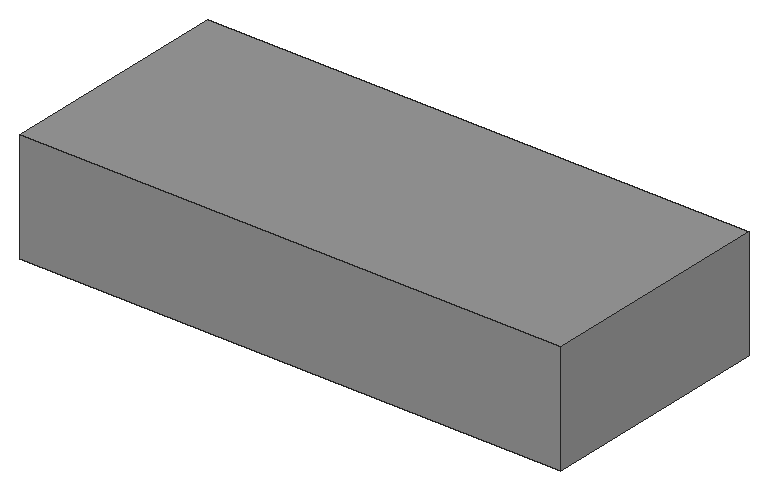
Revit family "PRE050029-FR", category Accessoire de canalisation, Revit 2017
Family settings
  Cote de connecteur circulaire = Utiliser le diamètre
  Type d'élément = Normal
  Basée sur le plan de construction = Non
  Toujours verticalement = Oui
  Couper avec des vides une fois chargée = Non
  Partagée = Non
Parameters (values of type "75112 Presto Sanifirst Mitigeur thermostatique de douche hospitalier choc thermique - Mastermix ")
  Variantes = "75112-75116-75308-75309"
  LC = 26 mm
  Garantie = "10 ans contre tout vice de fabrication / 3 ans pour la cartouche thermostatique"
  URL Fabricant = "http://www.prestodatashare.com/centretelechargement/index.php?lang=FR&refs=75112"
  URL = "http://www.prestodatashare.com/centretelechargement/index.php?lang=FR&refs=75112"
  Lien notice d'utilisation = "http://www.prestodatashare.com/centretelechargement/support.php?lang=FR&ref=75112"
  Lien fiche produit = "http://www.prestodatashare.com/espacedoc/Fiches_Techniques/FR/75112.pdf"
  Reference = "75112"
  Pression = "3 bars - Eviter les écarts de pressions supérieurs à 1 bar entre l'eau chaude et l'eau froide"
  Polantis code = "PRE050029-FR"
  Perte de charge = 0.0 Pa
  Profondeur = 110 mm
  Modèle = "75112 Presto Sanifirst Mitigeur thermostatique de douche hospitalier choc thermique - Mastermix"
  Matériau = Laiton poli chromé
  Lien CCTP = "http://www.prestodatashare.com/centretelechargement/index.php?lang=FR&refs=75112"
  Largeur = 254 mm
  HC = 26 mm
  Hauteur = 52 mm
  Fonction = "Mitigeur thermostatique de douche TECHNOLOGIE  BREVETÉE MASTERMIX :\r\r\nPas d'intercommunication EF/ ECS - Pas de clapet anti-retour\r\r\nOrgane de manœuvre : Manette d'ouverture/fermeture vers le bas et Volant T°C choc thermique laiton\r\r\nRéférence : 75112"
  Flux = 0.05 L/s
  Finition = "Corps et volants en laiton poli chromé"
  Fabricant = "LES ROBINETS PRESTO S.A."
  Diamètre Nominal = 15 mm
  Description = "Mitigeur  thermostatique  de douche de conception MASTERMIX  équipé d’une manette de débit ergonomique vers le bas.\r\r\nVolant de  Température bloqué à 38°, (Déverrouillage  sécurisé pour choc thermique  et accessible uniquement par les services techniques sans démonter le volant.)\r\r\nEntraxe 150mm et raccords excentrés M1/2&quot; avec rosace chromées et joint filtres. Sortie de douche M'1/2 vers le bas avec clapet anti-retour intégré. Débit réglable entre 5 et 14l/min, température réglable de 18 à 38°C. \r\r\nSystème anti-intercommunication EFS ET ECS unique et breveté permettant la suppression des clapets anti-retour sur les arrivées EFS et ECS du mitigeur réalisé  par une cartouche céramique et d’une cartouche thermostatique NF EN 1111.\r\r\nGarantie 3 ans pour la cartouche thermostatique et 10 ans pour le reste de la robinetterie.  REF: 75112, conception MASTERMIX, marque Sanifirst ou équivalent approuvé.."
  Debit = ""
  Raccordement = "EP G'3/4 livré avec rosaces et raccords excentrés M G'1/2 M G'3/4"
  Adresse = "7, RUE RACINE - 92542 MONTROUGE CEDEX FRANCE"
Types (4, lengths in mm): name | Garantie | URL Fabricant | URL | Lien notice d'utilisation | Lien fiche produit | Reference | Polantis code | Modèle | Lien CCTP | Fonction | Flux | Description | Debit
  75309 Presto Sanifirst Mitigeur thermostatique de douche, manette vers le haut et sortie vers le bas - Mastermix | "10 ans contre tout vice de fabrication / 3 ans pour la cartouche thermostatique" | "http://www.prestodatashare.com/centretelechargement/index.php?lang=FR&refs=75309" | "http://www.prestodatashare.com/centretelechargement/index.php?lang=FR&refs=75309" | "http://www.prestodatashare.com/centretelechargement/support.php?lang=FR&ref=75309" | "http://www.prestodatashare.com/espacedoc/Fiches_Techniques/FR/75309.pdf" | "75309" | "PRE050029c-FR" | "75309 Presto Sanifirst Mitigeur thermostatique de douche, manette vers le haut et sortie vers le bas - Mastermix" | "http://www.prestodatashare.com/centretelechargement/index.php?lang=FR&refs=75309" | "Mitigeur thermostatique de douche TECHNOLOGIE  BREVETÉE MASTERMIX :\r\r\nPas d'intercommunication EF/ ECS - Pas de clapet anti-retour\r\r\nOrgane de manœuvre : Manette d'ouverture/fermeture vers le haut et Volant T°C métal\r\r\nRéférence : 75309" | 0.1 L/s | "Mitigeur  thermostatique  de douche de conception MASTERMIX  équipé d’une manette de débit ergonomique vers le haut.\r\r\nVolant de  Température avec une butée à 38° déverouillable jusqu'à 45°C\r\r\nEntraxe 150mm et raccords excentrés M1/2&quot; avec rosace chromées et joint filtres. Sortie de douche M'1/2 vers le bas avec clapet anti-retour intégré. Débit réglable entre 5 et 14l/min\r\r\nSystème anti-intercommunication EFS ET ECS unique et breveté permettant la suppression des clapets anti-retour sur les arrivées EFS et ECS du mitigeur réalisé  par une cartouche céramique et d’une cartouche thermostatique NF EN 1111.\r\r\nGarantie 3 ans pour la cartouche thermostatique et 10 ans pour le reste de la robinetterie.  REF: 75309, conception MASTERMIX, marque Sanifirst ou équivalent approuvé." | "Débit entre 4 et 6L/min à 3 bar"
  75308 Presto Sanifirst Mitigeur thermostatique de douche , manette vers le bas et sortie vers le bas - Mastermix | "10 ans contre tout vice de fabrication / 3 ans pour la cartouche thermostatique" | "http://www.prestodatashare.com/centretelechargement/index.php?lang=FR&refs=75308" | "http://www.prestodatashare.com/centretelechargement/index.php?lang=FR&refs=75308" | "http://www.prestodatashare.com/centretelechargement/support.php?lang=FR&ref=75308" | "http://www.prestodatashare.com/espacedoc/Fiches_Techniques/FR/75308.pdf" | "75308" | "PRE050029b-FR" | "75308 Presto Sanifirst Mitigeur thermostatique de douche , manette vers le bas et sortie vers le bas - Mastermix" | "http://www.prestodatashare.com/centretelechargement/index.php?lang=FR&refs=75308" | "Mitigeur thermostatique de douche TECHNOLOGIE  BREVETÉE MASTERMIX :\r\r\nPas d'intercommunication EF/ ECS - Pas de clapet anti-retour\r\r\nOrgane de manœuvre : Manette d'ouverture/fermeture vers le bas et Volant T°C métal\r\r\nRéférence : 75308" | 0.1 L/s | "Mitigeur  thermostatique de douche de conception MASTERMIX  équipé d’une manette de débit ergonomique vers le bas.\r\r\nVolant de  Température avec une butée à 38° déverouillable jusqu'à 45°C\r\r\nEntraxe 150mm et raccords excentrés M1/2&quot; avec rosace chromées et joint filtres. Sortie de douche M'1/2 vers le bas avec clapet anti-retour intégré. Débit réglable entre 5 et 14l/min\r\r\nSystème anti-intercommunication EFS ET ECS unique et breveté permettant la suppression des clapets anti-retour sur les arrivées EFS et ECS du mitigeur réalisé  par une cartouche céramique et d’une cartouche thermostatique NF EN 1111.\r\r\nGarantie 3 ans pour la cartouche thermostatique et 10 ans pour le reste de la robinetterie.  REF: 75308, conception MASTERMIX, marque Sanifirst ou équivalent approuvé." | "Débit entre 4 et 6L/min à 3 bar"
  75116 Presto Sanifirst Mitigeur de douche thermostatique mural, manette vers le haut,sortie vers le bas - Mastermix | "10 ans contre tout vice de fabrication, 3 ans pour la cartouche thermostatique" | "http://www.prestodatashare.com/centretelechargement/index.php?lang=FR&refs=75116" | "http://www.prestodatashare.com/centretelechargement/index.php?lang=FR&refs=75116" | "http://www.prestodatashare.com/centretelechargement/support.php?lang=FR&ref=75116" | "http://www.prestodatashare.com/espacedoc/Fiches_Techniques/FR/75116.pdf" | "75116" | "PRE050029a-FR" | "75116 Presto Sanifirst Mitigeur de douche thermostatique mural, manette vers le haut,sortie vers le bas - Mastermix" | "http://www.prestodatashare.com/centretelechargement/index.php?lang=FR&refs=75116" | "Mitigeur thermostatique de douche TECHNOLOGIE  BREVETÉE MASTERMIX :\r\r\nPas d'intercommunication EF/ ECS - Pas de clapet anti-retour\r\r\nOrgane de manœuvre : Manette d'ouverture/fermeture vers le haut et Volant T°C choc thermique laiton\r\r\nRéférence : 75116" | 0.05 L/s | "Mitigeur  thermostatique  de douche de conception MASTERMIX  équipé d’une manette de débit ergonomique vers le haut.\r\r\nVolant de  Température bloqué à 38°, (Déverrouillage  sécurisé pour choc thermique  et accessible uniquement par les services techniques sans démonter le volant.)\r\r\nEntraxe 150mm et raccords excentrés M1/2&quot; avec rosace chromées et joint filtres. Sortie de douche M'1/2 vers le bas avec clapet anti-retour intégré. Débit réglable entre 5 et 14l/min, température réglable de 18 à 38°C. \r\r\nSystème anti-intercommunication EFS ET ECS unique et breveté permettant la suppression des clapets anti-retour sur les arrivées EFS et ECS du mitigeur réalisé  par une cartouche céramique et d’une cartouche thermostatique NF EN 1111.\r\r\nGarantie 3 ans pour la cartouche thermostatique et 10 ans pour le reste de la robinetterie.  REF: 75116, conception MASTERMIX, marque Sanifirst ou équivalent approuvé." | ""
  75112 Presto Sanifirst Mitigeur thermostatique de douche hospitalier choc thermique - Mastermix | "10 ans contre tout vice de fabrication / 3 ans pour la cartouche thermostatique" | "http://www.prestodatashare.com/centretelechargement/index.php?lang=FR&refs=75112" | "http://www.prestodatashare.com/centretelechargement/index.php?lang=FR&refs=75112" | "http://www.prestodatashare.com/centretelechargement/support.php?lang=FR&ref=75112" | "http://www.prestodatashare.com/espacedoc/Fiches_Techniques/FR/75112.pdf" | "75112" | "PRE050029-FR" | "75112 Presto Sanifirst Mitigeur thermostatique de douche hospitalier choc thermique - Mastermix" | "http://www.prestodatashare.com/centretelechargement/index.php?lang=FR&refs=75112" | "Mitigeur thermostatique de douche TECHNOLOGIE  BREVETÉE MASTERMIX :\r\r\nPas d'intercommunication EF/ ECS - Pas de clapet anti-retour\r\r\nOrgane de manœuvre : Manette d'ouverture/fermeture vers le bas et Volant T°C choc thermique laiton\r\r\nRéférence : 75112" | 0.05 L/s | "Mitigeur  thermostatique  de douche de conception MASTERMIX  équipé d’une manette de débit ergonomique vers le bas.\r\r\nVolant de  Température bloqué à 38°, (Déverrouillage  sécurisé pour choc thermique  et accessible uniquement par les services techniques sans démonter le volant.)\r\r\nEntraxe 150mm et raccords excentrés M1/2&quot; avec rosace chromées et joint filtres. Sortie de douche M'1/2 vers le bas avec clapet anti-retour intégré. Débit réglable entre 5 et 14l/min, température réglable de 18 à 38°C. \r\r\nSystème anti-intercommunication EFS ET ECS unique et breveté permettant la suppression des clapets anti-retour sur les arrivées EFS et ECS du mitigeur réalisé  par une cartouche céramique et d’une cartouche thermostatique NF EN 1111.\r\r\nGarantie 3 ans pour la cartouche thermostatique et 10 ans pour le reste de la robinetterie.  REF: 75112, conception MASTERMIX, marque Sanifirst ou équivalent approuvé.." | ""
Reference planes
  plane 1 "Centre (avant/arrière)": y = 0
  plane 2: z = 0
  plane 3 "Centre (gauche/droite)": x = 0
  plane 4: y = -110
  plane 5: x = 254
  plane 6: z = 52
  plane 7: x = 127
  plane 8: z = 26
  plane 9: y = -25.5
  plane 10: z = 1
  plane 11: y = -1
  plane 12: x = 26
  plane 13: x = 228
Forms (mm)
  Extrusion 1, solid, material "Laiton poli chromé" <- "Matériau", detail levels fine
    sketch origin (0, 0, 0) x (1, 0, 0) y (0, 1, 0)
      loop
        line (0, 0) -> (0, -110) -> (254, -110) -> (254, 0) -> (0, 0)
    from 0 to 52
  Extrusion 2, solid, material "Laiton poli chromé" <- "Matériau", detail levels fine
    sketch origin (0, 0, 0) x (1, 0, 0) y (0, 0, 1)
      loop
        circle (228, 26) r 5
      loop
        circle (26, 26) r 5
    from 0 to 1
Cuts and joins
  joined: Extrusion 1, Extrusion 2
Dimensions and locks
  "Profondeur": plane 1 "Centre (avant/arrière)" to plane 4
  "Largeur": plane 3 "Centre (gauche/droite)" to plane 5
  "Hauteur": plane 6 to level
  equal spacing: plane 3 "Centre (gauche/droite)", plane 7, plane 5
  "HC": plane 6 to plane 8
  plane 1 "Centre (avant/arrière)" to plane 9 = 25.5 mm
  locked: plane 10 to plane 2 at 1
  locked: plane 1 "Centre (avant/arrière)" to plane 11 at 1
  "LC": plane 13 to plane 5
  "LC": plane 3 "Centre (gauche/droite)" to plane 12
  aligned and locked: level to plane 2
  aligned and locked: plane 1 "Centre (avant/arrière)" to Extrusion 1 sketch curve
  aligned and locked: plane 3 "Centre (gauche/droite)" to Extrusion 1 sketch curve
  aligned and locked: plane 4 to Extrusion 1 sketch curve
  aligned and locked: plane 5 to Extrusion 1 sketch curve
  aligned and locked: plane 6 to Extrusion 1
  aligned and locked: Extrusion 2 to plane 11
  aligned and locked: Extrusion 2 to plane 1 "Centre (avant/arrière)"
  aligned and locked: nested 2 to plane 4
  aligned and locked: nested 2 to plane 5
Automatic sketch dimensions
  Extrusion 2 sketch curve to plane 8 = 0 mm  (x2)
  plane 12 to Extrusion 2 sketch curve = 0 mm
  plane 13 to Extrusion 2 sketch curve = 0 mm
  radius of Extrusion 2 sketch curve = 5 mm  (x2)
Nested families
  nested 1: "Symbolique" at (0, -55, 0) x (0, 1, 0) z (0, 0, 1), type "Symbolique", detail levels coarse+medium
  nested 2: "S2D" at (254, -55, 0) x (0, 1, 0) z (0, 0, 1), type "S2D", detail levels coarse+medium
Connectors
  piping at (228, 0, 26), diameter 15, driven by "Flux", driven by "Perte de charge", driven by "Diamètre Nominal"
    settings: on Extrusion 2, index 2, connector inside diameter 609.6 mm, connector length 0 mm, flow factor 0, pipe flow 0.05 L/s, pressure drop 0.0 Pa, fitting loss kfactor 0, connector angle 0.00°, fixture units 0, engagement length 0 mm, angle of deflection 0.00°, flow configuration 0, flow direction 1, fitting loss method 4, system type 20, joint type 0, gender type 0, connector reference index -1, connector utility 0, adjustable connector no, is connector primary yes, connector description ""
  piping at (26, 0, 26), diameter 15, driven by "Diamètre Nominal", driven by "Flux", driven by "Perte de charge"
    settings: on Extrusion 2, index 3, connector inside diameter 609.6 mm, connector length 0 mm, flow factor 0, pipe flow 0.05 L/s, pressure drop 0.0 Pa, fitting loss kfactor 0, connector angle 0.00°, fixture units 0, engagement length 0 mm, angle of deflection 0.00°, flow configuration 0, flow direction 1, fitting loss method 4, system type 19, joint type 0, gender type 0, connector reference index -1, connector utility 0, adjustable connector no, is connector primary no, connector description ""
Definition of nested family "Symbolique"
  Parameters (values of type "Symbolique")
    V = yes
    P = 1000 mm
    L = 1000 mm
    H = 1000 mm
  Reference planes
    plane 1 "Centre (avant/arrière)": y = 0
    plane 2: z = 0
    plane 3 "Centre (gauche/droite)": x = 0
    plane 4: y = -1000
    plane 5: x = -500
    plane 6: x = 500
    plane 7: z = 1000
    plane 8: z = 500
    plane 9: y = -500
  Lines and regions (mm)
    model lines, visible <- "V"
      curve 1: line (-500, -1000, 500) -> (-500, 0, 500)
      curve 2: line (500, -1000, 500) -> (500, 0, 500)
      curve 3: line (500, 0, 500) -> (-500, -1000, 500)
      curve 4: line (-500, 0, 500) -> (500, -1000, 500)
  Dimensions and locks
    "H": plane 7 to plane 2
    equal spacing: plane 5, plane 3 "Centre (gauche/droite)", plane 6
    "L": plane 5 to plane 6
    equal spacing: plane 7, plane 8, level
    equal spacing: plane 4, plane 9, plane 1 "Centre (avant/arrière)"
    "P": plane 1 "Centre (avant/arrière)" to plane 4
    aligned and locked: level to plane 2
  Automatic sketch dimensions
    plane 1 "Centre (avant/arrière)" to curve 3 = 0 mm
    curve 3 to plane 6 = 0 mm
    curve 3 to plane 4 = 0 mm
    curve 3 to plane 5 = 0 mm
    plane 1 "Centre (avant/arrière)" to curve 1 = 0 mm
    curve 2 to plane 4 = 0 mm
Definition of nested family "S2D"
  Parameters (values of type "S2D")
    P = 788.322 mm
    L = 1600 mm
    H = 1250.021 mm
  Reference planes
    plane 1 "Centre (avant/arrière)": y = 0
    plane 2: z = 0
    plane 3 "Centre (gauche/droite)": x = 0
    plane 4: y = 788.322
    plane 5: x = -800
    plane 6: x = 800
    plane 7: y = 394.161
    plane 8: z = 1250.021
    plane 9: z = 625.01
  Lines and regions (mm)
    symbolic lines
      curve 1: line (-800, 788.322, 0) -> (800, 0, 0)
      curve 2: line (800, 0, 0) -> (800, 788.322, 0)
      curve 3: line (800, 788.322, 0) -> (-800, 0, 0)
      curve 4: line (-800, 0, 0) -> (-800, 788.322, 0)
      curve 5: line (-800, 0, 0) -> (-800, 0, 1250.021)
      curve 6: line (-800, 0, 1250.021) -> (800, 0, 0)
      curve 7: line (800, 0, 0) -> (800, 0, 1250.021)
      curve 8: line (800, 0, 1250.021) -> (-800, 0, 0)
      curve 9: line (0, 0, 1250.021) -> (0, 0, 0)
      curve 10: line (0, 0, 0) -> (0, 788.322, 1250.021)
      curve 11: line (0, 788.322, 1250.021) -> (0, 788.322, 0)
      curve 12: line (0, 788.322, 0) -> (0, 0, 1250.021)
  Dimensions and locks
    equal spacing: plane 5, plane 3 "Centre (gauche/droite)", plane 6
    equal spacing: plane 1 "Centre (avant/arrière)", plane 7, plane 4
    "P": plane 1 "Centre (avant/arrière)" to plane 4
    "L": plane 5 to plane 6
    equal spacing: plane 8, plane 9, level
    "H": plane 8 to plane 2
    aligned and locked: level to plane 2
  Automatic sketch dimensions
    plane 1 "Centre (avant/arrière)" to curve 3 = 0 mm
    curve 1 to plane 4 = 0 mm
    curve 3 to plane 4 = 0 mm
    plane 1 "Centre (avant/arrière)" to curve 2 = 0 mm
    curve 3 to plane 6 = 0 mm
    curve 4 to plane 5 = 0 mm
    plane 5 to curve 5 = 0 mm
    curve 8 to level = 0 mm
    plane 6 to curve 8 = 0 mm
    curve 7 to level = 0 mm
    curve 8 to plane 8 = 0 mm
    curve 5 to plane 8 = 0 mm
    curve 11 to level = 0 mm
    curve 11 to plane 8 = 0 mm
    curve 9 to plane 8 = 0 mm
    curve 9 to plane 1 "Centre (avant/arrière)" = 0 mm
    curve 9 to level = 0 mm
    curve 11 to plane 4 = 0 mm
